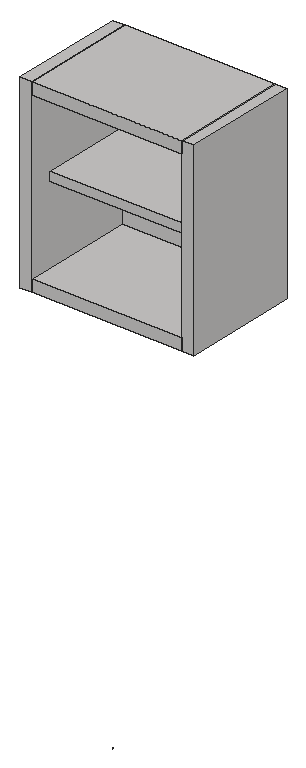
Revit family "QF_ZANUSSI_133254_PA600LCN", category Attrezzature speciali, Revit 2020
Family settings
  Quota connettore circolare = Usa diametro
  Tipo di parte = Normale
  Basato su piano di lavoro = No
  Sempre verticale = Sì
  Taglio con vuoti quando caricato = No
  Condiviso = No
  Punto di calcolo locali = No
Parameters (values of type "Standard")
  Weight = 15.00 kg
  Watts = 0 W
  Volts = 0 V
  URL Manufacturer = "http://www.zanussiprofessional.com"
  URL = "http://www.zanussiprofessional.com"
  Steam Supply Size = 0 mm
  Steam Supply Minimum Pressure = 0.0 Pa
  Steam Supply Maximum Pressure = 0.0 Pa
  Steam Consumption per Hour = 0
  Refrigeration Suction Line Size = 0.0 mm
  Refrigeration Liquid Line Size = 0.0 mm
  Refrigerant Compressor Remote = yes
  Prospetto di default = 0.0 mm
  Phase = 0
  Modello = "PA600LCN"
  Produttore = "Zanussi"
  Length Actual = 600.0 mm  # constant formula
  Item Number = "133254"
  Hot Water Size = 0 mm
  Height Actual = 650.0 mm  # constant formula
  HP = "0 HP"
  Gas Size = 0 mm
  Gas KW = 0
  Gas Input Pressure = 0 W
  Direct Waste Size = 0 mm
  Descrizione = "OPEN WALL CUPBOARD 600 MM"
  Depth Actual = 400.0 mm  # constant formula
  Cycle = 0 Hz
  Condensate Return Size = 0 mm
  Compressed Air Volume = 0.0 L/s
  Compressed Air Size = 0 mm
  Compressed Air Pressure = 0.0 Pa
  Cold Water Size = 0 mm
  Accessory = yes
Reference planes
  plane 1 "Center (Front/Back)": y = 0
  plane 2: z = 0
  plane 3 "Center (Left/Right)": x = -300
  plane 4 "LEFT": x = -600
  plane 5 "RIGHT": x = 0
  plane 6 "BACK": y = 200
  plane 7 "FRONT": y = -200
  plane 8 "Base": z = 2250
  plane 9 "BASE": z = 1600
  plane 10: x = -560
  plane 11: x = -40
  plane 12: y = -197
  plane 13: y = 150
  plane 14: y = 190
  plane 15 "Ripiano": z = 1910
  plane 16: z = 1940
Forms (mm)
  Extrusion 1, solid, material "QF_Finishes_Stainless Steel"
    sketch origin (0, 0, 1600) x (-1, 0, 0) y (0, -1, 0)
      loop
        line (600, -200) -> (600, 200) -> (560, 200) -> (560, -200) -> (600, -200)
      loop
        line (40, -200) -> (40, 200) -> (0, 200) -> (0, -200) -> (40, -200)
    from 0 to 650
  Extrusion 2, solid, material "QF_Finishes_Stainless Steel"
    sketch origin (0, 0, 1600) x (-1, 0, 0) y (0, -1, 0)
      loop
        line (560, -200) -> (560, 200) -> (40, 200) -> (40, -200) -> (560, -200)
    from 0 to 40
  Extrusion 3, solid, material "QF_Finishes_Stainless Steel"
    sketch origin (0, 0, 0) x (1, 0, 0) y (0, 1, 0)
      loop
        line (-560, -200) -> (-40, -200) -> (-40, 200) -> (-560, 200) -> (-560, -200)
    from 2210 to 2250
  Extrusion 4, solid, material "QF_Finishes_Stainless Steel"
    sketch origin (0, 0, 0) x (1, 0, 0) y (0, 1, 0)
      loop
        line (-600, 200) -> (-600, 199) -> (-599, 199) -> (-599, 200) -> (-600, 200)
    from 0 to 1
  Extrusion 5, solid, material "QF_Finishes_Stainless Steel"
    sketch origin (0, 0, 1910) x (-1, 0, 0) y (0, -1, 0)
      loop
        line (560, -190) -> (560, 124.1) -> (40, 124.1) -> (40, -190) -> (560, -190)
    from 0 to 30
  Extrusion 6, solid, material "QF_Finishes_Stainless Steel"
    sketch origin (0, 0, 1910) x (-1, 0, 0) y (0, -1, 0)
      loop
        line (560, -200) -> (560, -190) -> (40, -190) -> (40, -200) -> (560, -200)
    from -270 to 300
Lines and regions (mm)
  symbolic lines
    curve 1: line (0, 200, 0) -> (-600, -200, 0)
    curve 2: line (-600, 200, 0) -> (0, 200, 0)
    curve 3: line (-600, -200, 0) -> (-600, 200, 0)
    curve 4: line (0, -200, 0) -> (-600, -200, 0)
    curve 5: line (0, 200, 0) -> (0, -200, 0)
  symbolic lines, style "SpecialityEquipmentHiddenLines"
    curve 6: line (-560, -124.1, 1910) -> (-40, -124.1, 1910)
    curve 7: line (-40, -200, 1910) -> (-40, 190, 1910)
    curve 8: line (-40, 190, 1910) -> (-560, 190, 1910)
    curve 9: line (-560, 190, 1910) -> (-560, -200, 1910)
Dimensions and locks
  plane 4 "LEFT" to plane 5 "RIGHT" = 600.0 mm
  equal spacing: plane 4 "LEFT", plane 3 "Center (Left/Right)", plane 5 "RIGHT"
  plane 6 "BACK" to plane 7 "FRONT" = 400.0 mm
  equal spacing: plane 6 "BACK", plane 1 "Center (Front/Back)", plane 7 "FRONT"
  plane 9 "BASE" to level = 1600.0 mm
  locked: plane 4 "LEFT" to plane 10 at 40
  locked: plane 11 to plane 5 "RIGHT" at 40
  plane 12 to plane 7 "FRONT" = 3.0 mm
  plane 6 "BACK" to plane 13 = 50.0 mm
  locked: plane 8 "Base" to plane 9 "BASE" at 650
  locked: plane 15 "Ripiano" to plane 9 "BASE" at 310
  locked: plane 16 to plane 15 "Ripiano" at 30
  aligned and locked: level to plane 2
  aligned and locked: plane 8 "Base" to Extrusion 1
  aligned and locked: plane 6 "BACK" to Extrusion 1 sketch curve
  aligned and locked: Extrusion 1 sketch curve to plane 6 "BACK"
  aligned and locked: plane 7 "FRONT" to Extrusion 1 sketch curve
  aligned and locked: Extrusion 1 sketch curve to plane 7 "FRONT"
  aligned and locked: plane 10 to Extrusion 1
  aligned and locked: Extrusion 1 to plane 11
  aligned and locked: Extrusion 2 to plane 10
  aligned and locked: plane 11 to Extrusion 2
  aligned and locked: plane 8 "Base" to Extrusion 3
  aligned and locked: Extrusion 3 to plane 7 "FRONT"
  aligned and locked: Extrusion 2 to plane 7 "FRONT"
Automatic sketch dimensions
  Extrusion 1 sketch curve to plane 5 "RIGHT" = 0.0 mm
  Extrusion 1 sketch curve to plane 11 = 0.0 mm
  Extrusion 1 sketch curve to plane 10 = 0.0 mm
  Extrusion 1 sketch curve to plane 4 "LEFT" = 0.0 mm
  Extrusion 2 sketch curve to plane 11 = 0.0 mm
  Extrusion 2 sketch curve to plane 10 = 0.0 mm
  Extrusion 2 sketch curve to plane 13 = 50.0 mm
  Extrusion 2 sketch curve to plane 12 = 3.0 mm
  Extrusion 3 sketch curve to plane 10 = 0.0 mm
  Extrusion 3 sketch curve to plane 11 = 0.0 mm
  Extrusion 3 sketch curve to plane 12 = 3.0 mm
  Extrusion 3 sketch curve to plane 14 = 10.0 mm
  Extrusion 4 sketch curve to plane 6 "BACK" = 0.0 mm
  Extrusion 4 sketch curve to plane 4 "LEFT" = 0.0 mm
  plane 4 "LEFT" to Extrusion 4 sketch curve = 1.0 mm
  Extrusion 4 sketch curve to plane 6 "BACK" = 1.0 mm
  curve 4 to plane 4 "LEFT" = 0.0 mm
  curve 5 to plane 5 "RIGHT" = 0.0 mm
  Extrusion 5 sketch curve to plane 11 = 0.0 mm
  Extrusion 5 sketch curve to plane 10 = 0.0 mm
  plane 14 to Extrusion 5 sketch curve = 0.0 mm
  plane 12 to Extrusion 5 sketch curve = 72.9 mm
  Extrusion 6 sketch curve to plane 6 "BACK" = 0.0 mm
  Extrusion 6 sketch curve to plane 11 = 0.0 mm
  Extrusion 6 sketch curve to plane 10 = 0.0 mm
  plane 14 to Extrusion 6 sketch curve = 0.0 mm
  curve 1 to plane 7 "FRONT" = 0.0 mm
  curve 3 to plane 6 "BACK" = 0.0 mm
  curve 6 to plane 11 = 0.0 mm
  curve 6 to plane 10 = 0.0 mm
  plane 14 to curve 9 = 0.0 mm
  curve 9 to plane 7 "FRONT" = 0.0 mm
  curve 7 to plane 7 "FRONT" = 0.0 mm
  plane 12 to curve 6 = 72.9 mm
